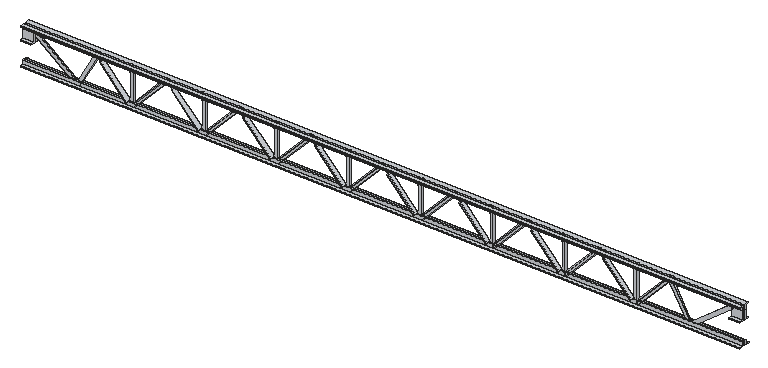
Revit family
Parameters (values of type "508G")
  Web Thickness = 25 mm
  Vertical Member Visibility = yes
  Start Offset [instance] = 0 mm
  Top Chord Start Extension [instance] = 0 mm
  SpaceNum [instance] = 10
  Seat Length = 150 mm
  Seat Depth [instance] = 190 mm
  Rendering Material = none
  PanelWidth [instance] = Length / SpaceNum  # 1000 mm
  PanelArrayNum [instance] = SpaceNum - 2  # 8
  Panel Point Load [instance] = 18.00 kN
  Offset Length 2 [instance] = End Panel - End Offset + Bottom Chord End Extension  # 1000 mm
  Offset Length 1 [instance] = End Panel - Start Offset + Bottom Chord Start Extension  # 1000 mm
  Offset Length [instance] = 0.3 * (End Panel - Start Offset - Seat Length)  # 255 mm
  Girder Type = "G"
  End Panel [instance] = PanelWidth  # 1000 mm
  End Offset [instance] = 0 mm
  Top Chord End Extension [instance] = 0 mm
  Depth = 508 mm
  Cord Leg = 63.5 mm
  Chord Thickness = 12.5 mm
  Bottom Chord Start Extension [instance] = 0 mm
  Bottom Chord End Extension [instance] = 0 mm
  Assembly Code = "B1010350"
  Length [instance] = 10000 mm
Reference planes
  plane 1 "Center (Front/Back)": y = 0
  plane 2: z = 0
  plane 3 "Center (Left/Right)": x = 540.246
  plane 4 "Member Left": x = -3551.39
  plane 5 "Member Right": x = 3560.61
  plane 6: y = 76
  plane 7: y = -76
  plane 8: z = 254
  plane 9: z = -254
  plane 10 "Left": x = -4459.754
  plane 11 "Stick Symbol Left": x = -3500.59
  plane 12 "Stick Symbol Right": x = 3509.81
  plane 13 "Right": x = 5540.246
  plane 14: z = 64
  plane 15: x = -4309.754
  plane 16: x = -3459.754
  plane 17: x = 5390.246
  plane 18: x = 4540.246
  plane 19: y = 12.5
  plane 20: y = -12.5
  plane 21: z = 190.5
  plane 22: z = -190.5
  plane 23: z = -247.65
  plane 24: z = 247.65
  plane 25: x = -4459.754
  plane 26: x = 5540.246
  plane 27: x = -4459.754
  plane 28: x = 5540.246
  plane 29: x = -3714.754
  plane 30: x = 3540.246
  plane 31: x = 4795.246
  plane 32: x = -4459.754
  plane 33: x = 5540.246
Forms (mm)
  Extrusion 1, solid, material <- "Rendering Material", detail levels medium+fine
    sketch origin (540.246, 0, 0) x (0, 1, 0) y (0, 0, 1)
      loop
        line (76, 254) -> (12.5, 254) -> (12.5, 190.5) -> (25, 190.5) -> (25, 241.5) -> (76, 241.5) -> (76, 254)
      loop
        line (-76, 254) -> (-76, 241.5) -> (-25, 241.5) -> (-25, 190.5) -> (-12.5, 190.5) -> (-12.5, 254) -> (-76, 254)
    from -5000 to 5000
  Extrusion 2, solid, material <- "Rendering Material", detail levels medium+fine
    sketch origin (540.246, 0, 0) x (0, 1, 0) y (0, 0, 1)
      loop
        line (12.5, -190.5) -> (12.5, -254) -> (76, -254) -> (76, -241.5) -> (25, -241.5) -> (25, -190.5) -> (12.5, -190.5)
      loop
        line (-12.5, -190.5) -> (-25, -190.5) -> (-25, -241.5) -> (-76, -241.5) -> (-76, -254) -> (-12.5, -254) -> (-12.5, -190.5)
    from -5000 to 5000
  Extrusion 3, solid, material <- "Rendering Material", detail levels medium+fine
    sketch origin (540.246, 0, 0) x (0, 1, 0) y (0, 0, 1)
      loop
        line (76, 64) -> (76, 76.5) -> (25, 76.5) -> (25, 190.5) -> (12.5, 190.5) -> (12.5, 64) -> (76, 64)
      loop
        line (-76, 64) -> (-12.5, 64) -> (-12.5, 190.5) -> (-25, 190.5) -> (-25, 76.5) -> (-76, 76.5) -> (-76, 64)
    from 4850 to 5000
  Extrusion 4, solid, material <- "Rendering Material", detail levels medium+fine
    sketch origin (540.246, 0, 0) x (0, 1, 0) y (0, 0, 1)
      loop
        line (-76, 64) -> (-12.5, 64) -> (-12.5, 190.5) -> (-25, 190.5) -> (-25, 76.5) -> (-76, 76.5) -> (-76, 64)
      loop
        line (12.5, 64) -> (76, 64) -> (76, 76.5) -> (25, 76.5) -> (25, 190.5) -> (12.5, 190.5) -> (12.5, 64)
    from -5000 to -4850
  Sweep 5, solid, material <- "Rendering Material", detail levels fine
    path in 3D
      loop
        line (4795.246, 0, -247.65) -> (5390.246, 0, 190.5)
    profile "Web-Profile : Web-Profile" origin (5092.746, 0, -28.575) x (-0.592961, 0, 0.805231) y (0, -1, 0)
      loop
        line (-25.4, 18.85) -> (-25.4, 6.15) -> (25.4, 6.15) -> (25.4, 18.85) -> (-25.4, 18.85)
  Sweep 6, solid, material <- "Rendering Material", detail levels fine
    path in 3D
      loop
        line (4540.246, 0, 190.5) -> (4795.246, 0, -247.65)
    profile "Web-Profile : Web-Profile" origin (4667.746, 0, -28.575) x (0.864283, 0, 0.503006) y (0, -1, 0)
      loop
        line (-25.4, 6.35) -> (-25.4, -6.35) -> (25.4, -6.35) -> (25.4, 6.35) -> (-25.4, 6.35)
  Sweep 7, solid, material <- "Rendering Material", detail levels fine
    path in 3D
      loop
        line (-4309.754, 0, 190.5) -> (-3714.754, 0, -247.65)
    profile "Web-Profile : Web-Profile" origin (-4012.254, 0, -28.575) x (0.592961, 0, 0.805231) y (0, -1, 0)
      loop
        line (-25.4, 6.35) -> (-25.4, -6.35) -> (25.4, -6.35) -> (25.4, 6.35) -> (-25.4, 6.35)
  Sweep 8, solid, material <- "Rendering Material", detail levels fine
    path in 3D
      loop
        line (-3714.754, 0, -247.65) -> (-3459.754, 0, 190.5)
    profile "Web-Profile : Web-Profile" origin (-3587.254, 0, -28.575) x (-0.864283, 0, 0.503006) y (0, -1, 0)
      loop
        line (-25.4, 6.35) -> (-25.4, -6.35) -> (25.4, -6.35) -> (25.4, 6.35) -> (-25.4, 6.35)
Lines and regions (mm)
  symbolic lines, style "StructuralFraming", detail levels coarse
    curve 1: line (0, 76, 254) -> (0, 12.5, 254)
    curve 2: line (0, -76, -254) -> (0, -12.5, -254)
    curve 14: line (0, 12.5, -254) -> (0, 76, -254)
    curve 15: line (540.246, 12.5, -254) -> (540.246, 12.5, -190.5)
    curve 16: line (540.246, -12.5, -254) -> (540.246, -12.5, -190.5)
    curve 17: line (540.246, -12.5, 254) -> (540.246, -12.5, 190.5)
    curve 18: line (540.246, 12.5, 254) -> (540.246, 12.5, 190.5)
    curve 19: line (0, -12.5, 254) -> (0, -76, 254)
  symbolic lines, style "StructuralFraming", detail levels coarse+medium
    curve 3: line (0, 0, -254) -> (0, 0, 254)
  reference lines
    curve 4: line (-3350.59, 0, -377.508) -> (-3350.59, 0, 333.692)
    curve 5: line (-2350.59, 0, -383.858) -> (-2350.59, 0, 333.692)
    curve 6: line (3359.81, 0, -324.588) -> (3359.81, 0, 335.812)
    curve 7: line (2359.81, 0, -451.588) -> (2359.81, 0, 335.812)
  model lines, style "Joist Girder", detail levels coarse
    curve 8: line (2359.81, 0, -254) -> (-2350.59, 0, -254)
    curve 9: line (3509.81, 0, 254) -> (-3500.59, 0, 254)
  model lines, style "StructuralFraming", detail levels medium
    curve 10: line (-3714.754, 0, -247.65) -> (-3459.754, 0, 190.5)
    curve 11: line (-4309.754, 0, 190.5) -> (-3714.754, 0, -247.65)
    curve 12: line (4540.246, 0, 190.5) -> (4795.246, 0, -247.65)
    curve 13: line (4795.246, 0, -247.65) -> (5390.246, 0, 190.5)
  model lines, style "Web Joist", detail levels coarse
    curve 20: line (-2350.59, 0, -254) -> (-3350.59, 0, 254)
    curve 21: line (2359.81, 0, -254) -> (3359.81, 0, 254)
  sketch lines
    curve 22: line (4795.246, 0, -247.65) -> (5390.246, 0, 190.5)
    curve 23: line (4540.246, 0, 190.5) -> (4795.246, 0, -247.65)
    curve 24: line (-4309.754, 0, 190.5) -> (-3714.754, 0, -247.65)
    curve 25: line (-3714.754, 0, -247.65) -> (-3459.754, 0, 190.5)
  symbolic lines, detail levels fine
    curve 26: line (540.246, 12.5, 247.65) -> (540.246, -12.5, 247.65)
    curve 27: line (540.246, 12.5, -247.65) -> (540.246, -12.5, -247.65)
    curve 28: line (540.246, 12.5, -190.5) -> (540.246, 12.5, 190.5)
    curve 29: line (540.246, -12.5, -190.5) -> (540.246, -12.5, 190.5)
Dimensions and locks
  equal spacing: plane 9, plane 2, plane 8
  "Length": plane 10 "Left" to plane 13 "Right"
  equal spacing: plane 10 "Left", plane 3 "Center (Left/Right)", plane 13 "Right"
  "Seat Length": curve 4 to plane 11 "Stick Symbol Left"
  "End Panel": curve 5 to curve 4
  "Seat Length": curve 6 to plane 12 "Stick Symbol Right"
  "End Panel": curve 6 to curve 7
  "Depth": plane 9 to plane 8
  "Seat Depth": plane 8 to plane 14
  "End Panel": plane 10 "Left" to plane 16
  "End Panel": plane 13 "Right" to plane 18
  "Web Thickness": plane 19 to plane 20
  equal spacing: plane 19, plane 1 "Center (Front/Back)", plane 20
  "Cord Leg": plane 20 to plane 7
  "Cord Leg": plane 6 to plane 19
  "Cord Leg": plane 9 to plane 22
  "Cord Leg": plane 21 to plane 8
  "Chord Thickness": plane 8 to Extrusion 1 sketch curve
  "Chord Thickness": Extrusion 1 sketch curve to plane 8
  "Chord Thickness": plane 20 to Extrusion 1 sketch curve
  "Chord Thickness": Extrusion 1 sketch curve to plane 19
  "Chord Thickness": plane 9 to Extrusion 2 sketch curve  (x2)
  "Chord Thickness": Extrusion 2 sketch curve to plane 19
  "Chord Thickness": plane 20 to Extrusion 2 sketch curve
  "Chord Thickness": plane 14 to Extrusion 3 sketch curve  (x2)
  "Chord Thickness": plane 20 to Extrusion 3 sketch curve
  "Chord Thickness": Extrusion 3 sketch curve to plane 19
  "Chord Thickness": plane 14 to Extrusion 4 sketch curve  (x2)
  "Chord Thickness": Extrusion 4 sketch curve to plane 19
  "Chord Thickness": plane 20 to Extrusion 4 sketch curve
  locked: plane 23 to plane 9 at 6.35
  locked: plane 8 to plane 24 at 6.35
  "Start Offset": plane 10 "Left" to plane 27
  "Seat Length": plane 27 to plane 15
  "Top Chord Start Extension": plane 25 to plane 27
  "End Offset": plane 28 to plane 13 "Right"
  "Seat Length": plane 17 to plane 28
  "Top Chord End Extension": plane 28 to plane 26
  "Offset Length": plane 16 to plane 29
  "PanelWidth": plane 18 to plane 30
  equal spacing: group 1, group 3, group 4, group 5, group 6, group 7, group 8, group 2  (x3)
  "Offset Length": plane 31 to plane 18
  "Offset Length 1": plane 16 to plane 32
  "Offset Length 2": plane 33 to plane 18
  aligned and locked: curve 8 to plane 9
  aligned and locked: curve 9 to plane 8
  aligned and locked: plane 11 "Stick Symbol Left" to curve 9
  aligned and locked: curve 5 to curve 8
  aligned and locked: curve 7 to curve 8
  aligned and locked: plane 8 to Extrusion 1 sketch curve
  aligned and locked: Extrusion 1 sketch curve to plane 8
  aligned and locked: plane 6 to Extrusion 1 sketch curve
  aligned and locked: plane 7 to Extrusion 1 sketch curve
  aligned and locked: Extrusion 1 sketch curve to plane 21
  aligned and locked: plane 21 to Extrusion 1 sketch curve
  aligned and locked: plane 9 to Extrusion 2 sketch curve
  aligned and locked: Extrusion 2 sketch curve to plane 9
  aligned and locked: plane 6 to Extrusion 2 sketch curve
  aligned and locked: plane 7 to Extrusion 2 sketch curve
  aligned and locked: plane 19 to Extrusion 2 sketch curve
  aligned and locked: plane 20 to Extrusion 2 sketch curve
  aligned and locked: Extrusion 2 sketch curve to plane 22
  aligned and locked: plane 22 to Extrusion 2 sketch curve
  aligned and locked: Extrusion 3 sketch curve to plane 7
  aligned and locked: plane 14 to Extrusion 3 sketch curve
  aligned and locked: Extrusion 3 sketch curve to plane 14
  aligned and locked: Extrusion 3 sketch curve to plane 6
  aligned and locked: Extrusion 3 sketch curve to plane 20
  aligned and locked: Extrusion 3 sketch curve to plane 19
  aligned and locked: Extrusion 3 sketch curve to plane 21
  aligned and locked: plane 21 to Extrusion 3 sketch curve
  aligned and locked: Extrusion 3 to plane 17
  aligned and locked: plane 6 to Extrusion 4 sketch curve
  aligned and locked: Extrusion 4 sketch curve to plane 7
  aligned and locked: Extrusion 4 sketch curve to plane 19
  aligned and locked: plane 20 to Extrusion 4 sketch curve
  aligned and locked: plane 21 to Extrusion 4 sketch curve  (x2)
  aligned and locked: Extrusion 4 sketch curve to plane 14  (x2)
  aligned and locked: plane 15 to Extrusion 4
  aligned and locked: Extrusion 2 to curve 15
  aligned and locked: curve 15 to Extrusion 2
  aligned and locked: curve 2 to curve 16
  aligned and locked: curve 16 to Extrusion 2
  aligned and locked: Extrusion 1 to curve 17
  aligned and locked: curve 17 to Extrusion 1
  aligned and locked: curve 18 to Extrusion 1  (x2)
  aligned and locked: curve 1 to Extrusion 1
  aligned and locked: plane 12 "Stick Symbol Right" to curve 9
  aligned and locked: curve 13 to Extrusion 3
  aligned and locked: curve 4 to curve 20
  aligned and locked: curve 6 to curve 21
  aligned and locked: plane 25 to Extrusion 1
  aligned and locked: Extrusion 3 to plane 26
  aligned and locked: Extrusion 1 to plane 26
  aligned and locked: plane 25 to Extrusion 4
  aligned and locked: plane 1 "Center (Front/Back)" to nested 1
  aligned and locked: nested 1 to plane 16
  aligned and locked: plane 9 to nested 1
  aligned and locked: plane 30 to nested 2
  aligned and locked: plane 9 to nested 2
  aligned and locked: plane 15 to curve 11
  aligned and locked: Extrusion 1 to curve 11
  aligned and locked: plane 29 to curve 11
  aligned and locked: plane 23 to curve 10
  aligned and locked: plane 16 to curve 10
  aligned and locked: Extrusion 1 to curve 10
  aligned and locked: Extrusion 1 to curve 12
  aligned and locked: plane 18 to curve 12
  aligned and locked: plane 23 to curve 13
  aligned and locked: plane 31 to curve 13
  aligned and locked: plane 17 to curve 13
  aligned and locked: Extrusion 2 to plane 32
  aligned and locked: plane 33 to Extrusion 2
Automatic sketch dimensions
  Extrusion 1 sketch curve to plane 20 = 0 mm
  Extrusion 1 sketch curve to plane 19 = 0 mm
  curve 14 to plane 6 = 0 mm
  curve 1 to plane 6 = 0 mm
  curve 14 to plane 9 = 0 mm
  curve 14 to plane 19 = 0 mm
  curve 1 to plane 19 = 0 mm
  curve 19 to plane 8 = 0 mm
  curve 19 to plane 20 = 0 mm
  curve 19 to plane 7 = 0 mm
  plane 9 to curve 7 = 197.588 mm
  plane 9 to curve 5 = 129.858 mm
  plane 9 to curve 4 = 123.508 mm
  plane 9 to curve 6 = 70.588 mm
  curve 5 to plane 8 = 79.692 mm
  curve 4 to plane 8 = 79.692 mm
  curve 7 to plane 8 = 81.812 mm
  curve 6 to plane 8 = 81.812 mm
  curve 2 to plane 7 = 0 mm
  curve 2 to plane 9 = 0 mm
  curve 2 to plane 20 = 0 mm
  curve 3 to plane 1 "Center (Front/Back)" = 0 mm
  curve 3 to plane 9 = 0 mm
  curve 27 to plane 23 = 0 mm
  curve 29 to plane 22 = 0 mm
  curve 28 to plane 22 = 0 mm
  curve 18 to plane 21 = 0 mm
  curve 17 to plane 21 = 0 mm
  curve 26 to plane 24 = 0 mm
  curve 3 to plane 8 = 0 mm
Nested families
  nested 1: "G Angled Web" at (-3459.754, 0, 0), type "G Angled Web"
    with Web Thickness 12.5 mm, Thickness 25 mm, PanelHeight 508 mm, PanelWidth 1000 mm
  nested 2: "G Angled Web" at (3540.246, 0, 0), type "G Angled Web"
    with Web Thickness 12.5 mm, Thickness 25 mm, PanelHeight 508 mm, PanelWidth 1000 mm
  nested 3: "G Angled Web" at (-2459.754, 0, 0), type "G Angled Web"
    with Web Thickness 12.5 mm, Thickness 25 mm, PanelHeight 508 mm, PanelWidth 1000 mm
  nested 4: "G Angled Web" at (-1459.754, 0, 0), type "G Angled Web"
    with Web Thickness 12.5 mm, Thickness 25 mm, PanelHeight 508 mm, PanelWidth 1000 mm
  nested 5: "G Angled Web" at (-459.754, 0, 0), type "G Angled Web"
    with Web Thickness 12.5 mm, Thickness 25 mm, PanelHeight 508 mm, PanelWidth 1000 mm
  nested 6: "G Angled Web" at (540.246, 0, 0), type "G Angled Web"
    with Web Thickness 12.5 mm, Thickness 25 mm, PanelHeight 508 mm, PanelWidth 1000 mm
  nested 7: "G Angled Web" at (1540.246, 0, 0), type "G Angled Web"
    with Web Thickness 12.5 mm, Thickness 25 mm, PanelHeight 508 mm, PanelWidth 1000 mm
  nested 8: "G Angled Web" at (2540.246, 0, 0), type "G Angled Web"
    with Web Thickness 12.5 mm, Thickness 25 mm, PanelHeight 508 mm, PanelWidth 1000 mm
Definition of nested family "G Angled Web"
  Parameters (values of type "G Angled Web")
    WebMaterial = none
    Web Thickness = Thickness / 2  # 12.7 mm
    Web Offset = Web Leg / 2  # 25.4 mm
    Web Leg = 50.8 mm
    Vertical Member Visibility = yes
    Thickness = 25.4 mm
    PanelHeight = 609.6 mm
    PanelWidth = 1828.8 mm
    Assembly Code = ""
  Reference planes
    plane 1 "Center (Front/Back)": y = 0
    plane 2: z = 0
    plane 3 "Center (Left/Right)": x = 0
    plane 4: x = 1828.8
    plane 5: x = 914.4
    plane 6: z = -304.8
    plane 7: z = 279.4
    plane 8: z = 304.8
    plane 9: y = -12.7
    plane 10: y = 12.7
    plane 11: z = 241.3
    plane 12: z = -241.3
    plane 13: z = -279.4
  Forms (mm)
    Sweep 1, solid, material <- "WebMaterial", detail levels fine
      path in 3D
        loop
          line (0, 0, 279.4) -> (25.4, 0, 279.4) -> (889, 0, -279.4) -> (939.8, 0, -279.4)
      profile origin (12.7, 0, 279.4) x (0, 0, 1) y (0, -1, 0)
        loop
          line (25.4, 0) -> (25.4, 12.7) -> (-25.4, 12.7) -> (-25.4, 0) -> (25.4, 0)
    Sweep 2, solid, material <- "WebMaterial", detail levels fine
      path in 3D
        loop
          line (1828.8, 0, 279.4) -> (1803.4, 0, 279.4) -> (939.8, 0, -279.4) -> (889, 0, -279.4)
      profile origin (1816.1, 0, 279.4) x (0, 0, -1) y (0, -1, 0)
        loop
          line (-25.4, -12.7) -> (25.4, -12.7) -> (25.4, 0) -> (-25.4, 0) -> (-25.4, -12.7)
    Sweep 3, solid, material <- "WebMaterial", detail levels fine
      path origin (0, -12.7, 254) x (1, 0, 0) y (0, 0, 1)
        loop
          line (876.874, -495.3) -> (131.037, -12.7)
      profile origin (503.956, -12.7, 0) x (-0.543251, 0, -0.83957) y (0, -1, 0)
        loop
          line (0, 0) -> (12.7, 0) -> (12.7, 50.8) -> (0, 50.8) -> (0, 0)
    Sweep 4, solid, material <- "WebMaterial", detail levels fine
      path origin (1828.8, 12.7, 254) x (-1, 0, 0) y (0, 0, 1)
        loop
          line (876.874, -495.3) -> (131.037, -12.7)
      profile origin (1324.844, 12.7, 0) x (0.543251, 0, -0.83957) y (0, 1, 0)
        loop
          line (0, 0) -> (12.7, 0) -> (12.7, 50.8) -> (0, 50.8) -> (0, 0)
    Sweep 5, solid, material <- "WebMaterial", visible <- "Vertical Member Visibility", detail levels fine
      path origin (0, 0, 0) x (1, 0, 0) y (0, 1, 0)
        loop
          line (914.4, 12.7) -> (914.4, -12.7)
      profile origin (914.4, 0, 0) x (1, 0, 0) y (0, 0, 1)
        loop
          line (-25.4, 304.8) -> (-25.4, 222.25) -> (-14.288, 211.138) -> (-14.288, -211.138) -> (-25.4, -222.25) -> (-25.4, -304.8) -> (25.4, -304.8) -> (25.4, 304.8) -> (-25.4, 304.8)
  Cuts and joins
    joined: Sweep 1, Sweep 3
    joined: Sweep 2, Sweep 4
  Lines and regions (mm)
    model lines, style "InvisibleLines"
      curve 1: line (0, 0, -304.8) -> (0, 0, 304.8)
      curve 2: line (0, 0, 304.8) -> (1828.8, 0, 304.8)
      curve 3: line (1828.8, 0, 304.8) -> (1828.8, 0, -304.8)
      curve 4: line (1828.8, 0, -304.8) -> (0, 0, -304.8)
    model lines, style "StructuralFraming", detail levels medium
      curve 5: line (889, 0, -279.4) -> (939.8, 0, -279.4)
      curve 6: line (0, 0, 279.4) -> (25.4, 0, 279.4)
      curve 7: line (1828.8, 0, 279.4) -> (1803.4, 0, 279.4)
      curve 8: line (25.4, 0, 279.4) -> (889, 0, -279.4)
      curve 9: line (939.8, 0, -279.4) -> (1803.4, 0, 279.4)
    sketch lines
      curve 10: line (0, 0, 279.4) -> (25.4, 0, 279.4)
      curve 11: line (25.4, 0, 279.4) -> (889, 0, -279.4)
      curve 12: line (889, 0, -279.4) -> (939.8, 0, -279.4)
      curve 13: line (1828.8, 0, 279.4) -> (1803.4, 0, 279.4)
      curve 14: line (939.8, 0, -279.4) -> (1803.4, 0, 279.4)
      curve 15: line (889, 0, -279.4) -> (939.8, 0, -279.4)
    model lines, visible <- "Vertical Member Visibility", detail levels medium
      curve 16: line (914.4, 0, -279.4) -> (914.4, 0, 304.8)
  Dimensions and locks
    "PanelWidth": plane 4 to plane 3 "Center (Left/Right)"
    equal spacing: plane 4, plane 5, plane 3 "Center (Left/Right)"
    "Web Offset": plane 8 to plane 7
    "PanelHeight": plane 8 to plane 6
    equal spacing: plane 8, plane 2, plane 6
    "Thickness": plane 10 to plane 9
    equal spacing: plane 10, plane 1 "Center (Front/Back)", plane 9
    locked: plane 8 to plane 11 at 63.5
    plane 12 to plane 6 = 63.5 mm
    "Thickness": plane 13 to plane 6
    "Web Offset": curve 6 to curve 6
    "Web Offset": curve 5 to plane 5
    "Web Offset": plane 5 to curve 5
    "Web Leg": Sweep 2 sketch curve to Sweep 2 sketch curve
    "Web Thickness": Sweep 3 sketch curve to Sweep 3 sketch curve
    "Web Leg": Sweep 3 sketch curve to Sweep 3 sketch curve
    "Web Thickness": Sweep 2 to Sweep 4 sketch curve
    "Web Leg": Sweep 4 sketch curve to Sweep 4 sketch curve
    "Web Leg": plane 8 to Sweep 1 sketch curve
    equal spacing: Sweep 1 sketch curve, plane 7, Sweep 1 sketch curve
    equal spacing: Sweep 2 sketch curve, profile plane, Sweep 2 sketch curve
    "Web Offset": curve 7 to curve 3
    equal spacing: Sweep 5 sketch curve, plane 5, Sweep 5 sketch curve
    "Web Leg": Sweep 5 sketch curve to Sweep 5 sketch curve
    locked: Sweep 5 sketch curve to Sweep 5 sketch curve at 82.55  (x2)
    locked: Sweep 5 sketch curve to Sweep 5 sketch curve at 11.112
    equal spacing: Sweep 5 sketch curve, plane 2, Sweep 5 sketch curve
    locked: Sweep 5 sketch curve to Sweep 5 sketch curve (angle 45.00°)  (x2)
    aligned and locked: plane 8 to curve 2
    aligned and locked: plane 7 to curve 6
    aligned and locked: plane 3 "Center (Left/Right)" to curve 6
    aligned and locked: curve 5 to plane 13
    aligned and locked: Sweep 1 sketch curve to plane 9
    aligned and locked: plane 1 "Center (Front/Back)" to Sweep 1 sketch curve
    aligned and locked: Sweep 2 sketch curve to profile plane
    aligned and locked: plane 10 to Sweep 2 sketch curve
    aligned and locked: plane 9 to Sweep 3 sketch curve
    aligned and locked: Sweep 1 to Sweep 3 sketch curve
    aligned and locked: plane 11 to Sweep 3 sketch curve
    aligned and locked: plane 12 to Sweep 3 sketch curve
    aligned and locked: Sweep 2 to Sweep 4 sketch curve  (x2)
    aligned and locked: plane 11 to Sweep 4 sketch curve
    aligned and locked: plane 12 to Sweep 4 sketch curve
    aligned and locked: curve 7 to plane 7
    aligned and locked: curve 4 to plane 6
    aligned and locked: plane 4 to curve 3
    aligned and locked: plane 5 to Sweep 5 sketch curve
    aligned and locked: plane 10 to Sweep 5 sketch curve
    aligned and locked: plane 9 to Sweep 5 sketch curve
    aligned and locked: plane 8 to Sweep 5 sketch curve
    aligned and locked: Sweep 5 sketch curve to plane 6
    aligned and locked: curve 16 to plane 5
    aligned and locked: curve 16 to plane 8
    aligned and locked: plane 13 to curve 16
  Automatic sketch dimensions
    Sweep 3 sketch curve to profile plane = 0 mm
    Sweep 4 sketch curve to profile plane = 0 mm
